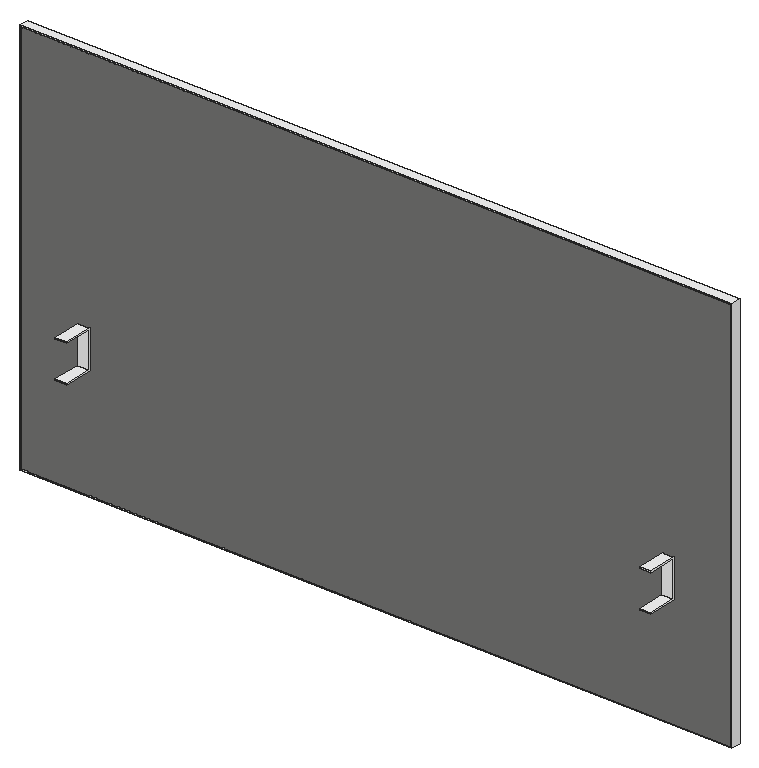
Revit family "Screens-Mounted-Teknion-JNSEFB-Fabric_Elevated-R2015", category Furniture, Revit 2015
Parameters (values of type "Standard Width")
  Side B Offset [instance] = if(or(Standard Width, Side A), Width / 2, (Width / 2) + 1.104")  # 42.000"
  Side A Offset [instance] = if(or(Standard Width, Side B), Width / 2, (Width / 2) + 1.104")  # 42.000"
  Side B = no
  Side A = no
  Mounting Hardware Offset [instance] = (Width - 16.338") / 2  # 33.831"
  Both Side = no
  Available Widths [instance] = if(Both Side, "48 to 84 inches in 6 inch increments", "24 to 84 inches in 6 inch increments")  # "24 to 84 inches in 6 inch increments"
  Width [instance] = 84.000"
  Warranty = "http://www.teknion.com/ca/papers/legal-canada"
  Unit Weight URL = "http://www.teknion.com/ca/tools/assets#&asset=bee6a381-b954-425e-8283-5a2de3a804f2,f828d448-4b62-4231-9e5f-9a8991c0ed77"
  URL = "www.teknion.com"
  Sustainability Data = "http://www.teknion.com/ca/tools/assets#&topic=216f99a5-57a0-44fc-b10a-9dee9b29ae4c&asset=444deb64-fe58-4b68-981e-f75e97781df7"
  Series = "Expansion Cityline"  # constant formula
  Screen Metal Frame Finish [instance] = Mica - Teknion - V - Satin - Very White
  Screen Finish [instance] = Fabric - Teknion - Heather Tech - R263 - Obsidian tech
  Product Page URL = "http://www.teknion.com/ca/products/product-details?productlineid=9ad2a26e-8e7a-673b-a6c8-ff05004460c4"
  Product Line = "Expansion Cityline"  # constant formula
  Product Documentation Link = "http://www.teknion.com/pricing/expansion-cityline/pdfs/JNSEFB_ppg.pdf"
  Part Number = "JNSEFB"  # constant formula
  Model = "JNSEFB10__S"
  Manufacturer Phone = "416-661-3370"  # constant formula
  Manufacturer Fax = "416.661.4586"  # constant formula
  Manufacturer Contact Information = "http://www.teknion.com/ca/contactus"
  Manufacturer Address = "1150 Flint Road, Toronto, ON. M3J 2J5. Canada"  # constant formula
  Manufacturer = "Teknion"  # constant formula
  Available Heights [instance] = "42, 51, and 57 inches"  # constant formula
  Height [instance] = 57.000"
  Standard Width = yes
  Description = "Fabric Elevated Screen - Beam Mounted, 10\" Modesty Base, Standard Width"
  Assembly Code = "E2020200"
  Actual Width [instance] = if(Standard Width, Width, if(Side B, Width - 0.945", Width - 1.890"))  # 84.000"
  Actual Height [instance] = if(Height = 51.000", 50.830", Height)  # 57.000"
Types (5): name | Side B Offset | Side A Offset | Side B | Side A | Both Side | Available Widths | Product Documentation Link | Model | Standard Width | Description | Actual Width
  (no name) | 42.000" | 42.000" | no | no | no | "24 to 84 inches in 6 inch increments" | "http://www.teknion.com/pricing/expansion-cityline/pdfs/JNSEFB_ppg.pdf" | "JNSEFB10__S" | yes | "Fabric Elevated Screen - Beam Mounted, 10\" Modesty Base, Standard Width" | 84.000"
  Standard Width | 42.000" | 42.000" | no | no | no | "24 to 84 inches in 6 inch increments" | "http://www.teknion.com/pricing/expansion-cityline/pdfs/JNSEFB_ppg.pdf" | "JNSEFB10__S" | yes | "Fabric Elevated Screen - Beam Mounted, 10\" Modesty Base, Standard Width" | 84.000"
  One Side - Left | 42.000" | 43.104" | no | yes | no | "24 to 84 inches in 6 inch increments" | "http://www.teknion.com/pricing/expansion-cityline/pdfs/JNSAGW_ppg.pdf" | "JNSEFB10__L" | no | "Fabric Elevated Screen - Beam Mounted, 10\" Modesty Base, Left Side Width Extension" | 82.110"
  Both Side | 43.104" | 43.104" | no | no | yes | "48 to 84 inches in 6 inch increments" | "http://www.teknion.com/pricing/expansion-cityline/pdfs/JNSAGW_ppg.pdf" | "JNSEFB10__B" | no | "Fabric Elevated Screen - Beam Mounted, 10\" Modesty Base, Both Sides Width Extension" | 82.110"
  One Side - Right | 43.104" | 42.000" | yes | no | no | "24 to 84 inches in 6 inch increments" | "http://www.teknion.com/pricing/expansion-cityline/pdfs/JNSAGW_ppg.pdf" | "JNSEFB10__R" | no | "Fabric Elevated Screen - Beam Mounted, 10\" Modesty Base, Right Side Width Extension" | 83.055"
Reference planes (in)
  plane 1 "Center Front/Back": y = 0
  plane 2: z = 0
  plane 3 "Center Left/Right": x = 0
  plane 4 "Left": x = -42
  plane 5 "Right": x = 42
  plane 6 "Back": y = 1.22244
  plane 7 "Front": y = -3.26772
  plane 8 "Top": z = 57
  plane 9: z = 10
  plane 10: z = 10.07874
  plane 11: z = 56.84252
  plane 12: y = 0.11811
  plane 13: x = -41.921
  plane 14: x = 41.921
  plane 15: z = 23.30315
  plane 16: z = 23.42126
  plane 17: z = 27.69291
  plane 18: z = 27.81102
  plane 19: x = -33.831
  plane 20: x = -35.16958
  plane 21: x = 33.831
  plane 22: x = 35.16929
Forms (in)
  Extrusion 1, solid, material "Mica - Teknion - V - Satin - Very White" <- "Screen Metal Frame Finish"
    sketch origin (0, -3.26772, 0) x (-1, 0, 0) y (0, 0, -1)
      loop
        line (42, -57) -> (42, -10) -> (-42, -10) -> (-42, -57) -> (42, -57)
      loop
        line (41.921, -56.84252) -> (41.921, -10.07874) -> (-41.921, -10.07874) -> (-41.921, -56.84252) -> (41.921, -56.84252)
    from -4.49016 to -3.38583
  Extrusion 2, solid, material "Fabric - Teknion - Heather Tech - R263 - Obsidian tech" <- "Screen Finish"
    sketch origin (0, -3.26772, 0) x (-1, 0, 0) y (0, 0, -1)
      loop
        line (41.921, -56.84252) -> (41.921, -10.07874) -> (-41.921, -10.07874) -> (-41.921, -56.84252) -> (41.921, -56.84252)
    from -4.49016 to -3.38583
  Extrusion 3, solid, material "Mica - Teknion - V - Satin - Very White" <- "Screen Metal Frame Finish"
    sketch origin (-42, 0, 0) x (0, 1, 0) y (0, 0, 1)
      loop
        line (-3.26772, 27.81102) -> (-3.26772, 27.69291) -> (0, 27.69291) -> (0, 23.42126) -> (-3.26772, 23.42126) -> (-3.26772, 23.30315) -> (0.11811, 23.30315) -> (0.11811, 27.81102) -> (-3.26772, 27.81102)
    from 6.83042 to 8.169
  Extrusion 4, solid, material "Mica - Teknion - V - Satin - Very White" <- "Screen Metal Frame Finish"
    sketch origin (-42, 0, 0) x (0, 1, 0) y (0, 0, 1)
      loop
        line (-3.26772, 27.81102) -> (-3.26772, 27.69291) -> (0, 27.69291) -> (0, 23.42126) -> (-3.26772, 23.42126) -> (-3.26772, 23.30315) -> (0.11811, 23.30315) -> (0.11811, 27.81102) -> (-3.26772, 27.81102)
    from 75.831 to 77.16929
Lines and regions (in)
  Masking region 1
    outline origin (0, 0, 0) x (1, 0, 0) y (0, 1, 0)
      loop
        line (-42, 1.22244) -> (-42, 0.11811) -> (42, 0.11811) -> (42, 1.22244) -> (-42, 1.22244)
  Masking region 2
    outline origin (0, 0, 0) x (1, 0, 0) y (0, 1, 0)
      loop
        line (-35.16958, 0.11811) -> (-35.16958, -3.26772) -> (-33.831, -3.26772) -> (-33.831, 0.11811) -> (-35.16958, 0.11811)
      loop
        line (33.831, 0.11811) -> (33.831, -3.26772) -> (35.16929, -3.26772) -> (35.16929, 0.11811) -> (33.831, 0.11811)
  symbolic lines, style "FurnitureHiddenLines", detail levels medium+fine
    curve 1: line (-35.16958, 0, 0) -> (-33.831, 0, 0)
    curve 2: line (33.831, 0, 0) -> (35.16929, 0, 0)
    curve 3: line (41.921, 1.22244, 0) -> (41.921, 0.11811, 0)
    curve 4: line (-41.921, 1.22244, 0) -> (-41.921, 0.11811, 0)
  reference lines, not visible
    curve 5: line (-42, 1.22244, 0) -> (-42, -3.26772, 0)
    curve 6: line (-42, -3.26772, 0) -> (42, -3.26772, 0)
    curve 7: line (-42, 1.22244, 0) -> (42, 1.22244, 0)
    curve 8: line (42, 1.22244, 0) -> (42, -3.26772, 0)
    curve 9: line (0, 1.22244, 0) -> (0, -3.26772, 0)
    curve 10: line (-42, -3.26772, 0) -> (42, -3.26772, 0)
Dimensions and locks (in)
  plane 4 "Left" to plane 5 "Right" = 84.000"
  plane 6 "Back" to plane 12 to plane 1 "Center Front/Back" to plane 7 "Front" = 1.10433" locked, 0.11811" locked, 3.26772" locked
  "Actual Height": plane 8 "Top" to level
  plane 18 to plane 17 to plane 16 to plane 15 to plane 10 to plane 9 to level = 0.11811" locked, 4.27165" locked, 0.11811" locked, 13.22441" locked, 0.07874" locked, 10.000" locked
  locked: plane 4 "Left" to plane 13 at 0.079
  locked: plane 14 to plane 5 "Right" at 0.079
  locked: plane 8 "Top" to plane 11 at 0.15748
  locked: plane 20 to plane 19 at 1.33858
  "Mounting Hardware Offset": plane 3 "Center Left/Right" to plane 21
  locked: plane 21 to plane 22 at 1.33829
  "Side A Offset": plane 4 "Left" to plane 3 "Center Left/Right"
  "Side B Offset": plane 3 "Center Left/Right" to plane 5 "Right"
  "Mounting Hardware Offset": plane 19 to plane 3 "Center Left/Right"
  aligned and locked: level to plane 2
  aligned and locked: Extrusion 1 sketch curve to plane 8 "Top"
  aligned and locked: Extrusion 1 sketch curve to plane 4 "Left"
  aligned and locked: Extrusion 1 sketch curve to plane 9
  aligned and locked: Extrusion 1 sketch curve to plane 5 "Right"
  aligned and locked: Extrusion 1 sketch curve to plane 14
  aligned and locked: Extrusion 1 sketch curve to plane 11
  aligned and locked: plane 13 to Extrusion 1 sketch curve
  aligned and locked: Extrusion 1 sketch curve to plane 10
  aligned and locked: plane 6 "Back" to Extrusion 1
  aligned and locked: Extrusion 1 to plane 12
  aligned and locked: Extrusion 2 sketch curve to plane 11
  aligned and locked: plane 13 to Extrusion 2 sketch curve
  aligned and locked: Extrusion 2 sketch curve to plane 14
  aligned and locked: Extrusion 2 sketch curve to plane 10
  aligned and locked: plane 6 "Back" to Extrusion 2
  aligned and locked: Extrusion 2 to plane 12
  aligned and locked: plane 20 to Extrusion 3
  aligned and locked: Extrusion 3 to plane 19
  aligned and locked: Extrusion 4 sketch curve to plane 18
  aligned and locked: Extrusion 4 sketch curve to plane 7 "Front"
  aligned and locked: Extrusion 4 sketch curve to plane 15
  aligned and locked: Extrusion 4 sketch curve to plane 16
  aligned and locked: plane 1 "Center Front/Back" to Extrusion 4 sketch curve
  aligned and locked: Extrusion 4 sketch curve to plane 17
  aligned and locked: plane 12 to Extrusion 4 sketch curve
  aligned and locked: plane 7 "Front" to Extrusion 4 sketch curve
  aligned and locked: plane 22 to Extrusion 4
  aligned and locked: Extrusion 4 to plane 21
  aligned and locked: plane 4 "Left" to Masking region 1 sketch curve
  aligned and locked: Masking region 1 sketch curve to plane 5 "Right"
  aligned and locked: plane 12 to Masking region 1 sketch curve
  aligned and locked: Masking region 1 sketch curve to plane 6 "Back"
  aligned and locked: Masking region 2 sketch curve to plane 20
  aligned and locked: plane 19 to Masking region 2 sketch curve
  aligned and locked: Masking region 2 sketch curve to plane 7 "Front"  (x2)
  aligned and locked: Masking region 2 sketch curve to plane 12  (x2)
  aligned and locked: Masking region 2 sketch curve to plane 21
  aligned and locked: Masking region 2 sketch curve to plane 22
  aligned and locked: curve 1 to Extrusion 3
  aligned and locked: curve 3 to plane 14
  aligned and locked: curve 4 to plane 13
  aligned and locked: curve 5 to plane 4 "Left"
  aligned and locked: plane 7 "Front" to curve 6
  aligned and locked: curve 7 to plane 6 "Back"
  aligned and locked: curve 8 to plane 5 "Right"
  aligned and locked: curve 9 to plane 3 "Center Left/Right"
  aligned and locked: plane 12 to Extrusion 3
  aligned and locked: plane 1 "Center Front/Back" to Extrusion 3
  aligned and locked: plane 7 "Front" to Extrusion 3  (x2)
  aligned and locked: Extrusion 3 to plane 16
  aligned and locked: plane 15 to Extrusion 3
  aligned and locked: Extrusion 3 to plane 18
  aligned and locked: plane 17 to Extrusion 3
Automatic sketch dimensions
  plane 7 "Front" to Extrusion 3 sketch curve = 0.000"  (x2)
  Extrusion 3 sketch curve to plane 18 = 0.000"
  plane 15 to Extrusion 3 sketch curve = 0.000"
  Extrusion 3 sketch curve to plane 16 = 0.000"
  plane 17 to Extrusion 3 sketch curve = 0.000"
  plane 1 "Center Front/Back" to Extrusion 3 sketch curve = 0.000"
  plane 12 to Extrusion 3 sketch curve = 0.000"
  curve 1 to plane 20 = 0.000"
  curve 1 to plane 19 = 0.000"
  curve 2 to plane 21 = 0.000"
  curve 2 to plane 22 = 0.000"
  curve 3 to plane 12 = 0.000"
  curve 4 to plane 12 = 0.000"
  curve 3 to plane 6 "Back" = 0.000"
  curve 4 to plane 6 "Back" = 0.000"
  plane 1 "Center Front/Back" to curve 2 = 0.000"
